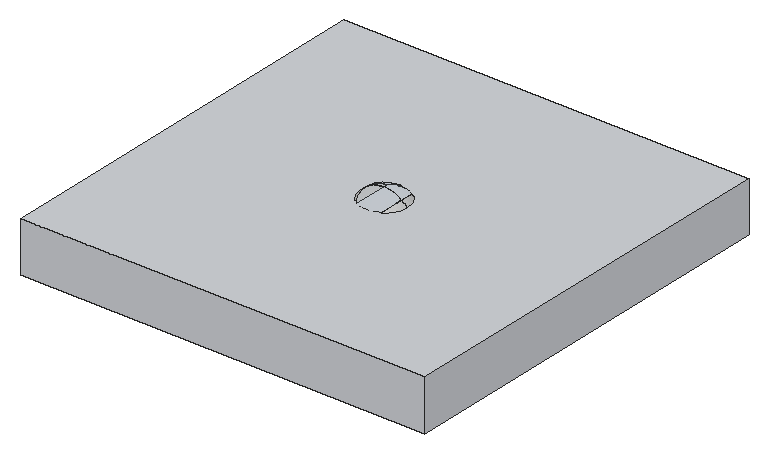
Revit family "GALAD Раунд LED", category Осветительные приборы, Revit 2018 (continued)
Parameters (values of type "GALAD Раунд LED-9 ECO IP30 Датчик звука")
    .14 118.84 105.54 92.73 80.53 68.82 58.20 48.44 39.53 31.72 24.77 18.67 12.93 8.17 4.76 2.44 1.34 0.73 0.37 0.24 0.12 0.00 0.00 0.00 0.00 0.00 0.00 0.00 0.00 0.00 0.00 0.00 0.00 0.00 0.00 0.12 0.12 0.12 0.00 0.12 0.24 0.24 0.73 0.85 0.37 0.12 0.00 0.00 \r\n332.61 332.12 330.29 327.97 325.29 321.87 317.72 313.09 307.59 301.49 295.03 287.83 279.65 271.11 261.96 252.20 242.32 231.70 220.60 209.01 197.17 184.73 171.92 158.86 145.68 132.38 118.96 105.91 93.10 80.65 69.18 58.32 48.56 39.78 31.72 24.65 18.67 13.30 7.69 3.78 2.07 1.34 0.85 0.49 0.24 0.12 0.00 0.00 0.00 0.00 0.00 0.00 0.00 0.00 0.00 0.00 0.00 0.00 0.00 0.00 0.12 0.12 0.12 0.00 0.12 0.12 0.24 0.61 0.73 0.37 0.12 0.00 0.00 \r\n332.61 332.00 330.29 327.97 325.29 321.99 317.84 313.09 307.59 301.49 294.66 287.46 279.78 271.11 261.84 252.57 242.68 231.82 220.84 209.37 197.42 184.85 171.92 158.86 145.68 132.38 119.08 105.91 93.10 80.77 69.18 58.32 48.56 40.02 31.85 24.77 18.67 13.06 6.83 3.54 2.56 1.59 0.85 0.49 0.24 0.12 0.00 0.00 0.00 0.00 0.00 0.00 0.00 0.00 0.00 0.00 0.00 0.00 0.00 0.00 0.12 0.12 0.12 0.00 0.12 0.12 0.24 0.49 0.61 0.37 0.12 0.00 0.00 \r\n332.61 332.00 330.29 327.97 325.41 321.99 317.72 313.09 307.72 301.98 295.03 287.46 279.78 271.60 262.33 252.93 242.68 231.95 220.97 209.37 197.29 185.09 172.16 159.35 146.05 132.51 119.33 106.27 93.46 80.89 69.30 58.69 48.81 39.90 31.85 24.77 18.67 13.06 7.56 4.15 2.68 1.71 0.98 0.49 0.24 0.12 0.00 0.00 0.00 0.00 0.00 0.00 0.00 0.00 0.00 0.00 0.00 0.00 0.00 0.00 0.12 0.12 0.12 0.12 0.12 0.12 0.24 0.37 0.49 0.24 0.12 0.00 0.00 \r\n332.61 331.88 330.29 327.97 325.41 321.99 317.84 313.09 307.84 301.98 295.15 287.83 280.14 271.72 262.57 253.30 242.81 232.07 221.33 209.50 197.29 185.22 172.40 159.47 146.17 132.87 119.57 106.27 93.46 81.14 69.43 58.81 48.93 39.90 31.85 24.89 18.79 12.93 7.56 4.39 2.81 1.71 0.98 0.49 0.24 0.12 0.00 0.00 0.00 0.00 0.00 0.00 0.00 0.00 0.00 0.00 0.00 0.00 0.00 0.00 0.12 0.12 0.12 0.12 0.12 0.12 0.24 0.24 0.37 0.24 0.12 0.00 0.00 \r\n332.61 331.75 330.17 327.97 325.53 322.24 317.97 313.21 308.08 301.98 295.15 288.19 280.51 271.60 262.33 252.93 242.93 232.43 221.45 209.50 197.66 185.58 172.89 159.71 146.42 133.12 119.69 106.40 93.58 81.38 69.67 58.81 48.93 40.14 32.33 25.13 18.91 12.93 7.56 4.03 2.32 1.46 0.85 0.49 0.24 0.12 0.00 0.00 0.00 0.00 0.00 0.00 0.00 0.00 0.00 0.00 0.00 0.00 0.00 0.00 0.12 0.12 0.12 0.12 0.12 0.12 0.24 0.24 0.24 0.24 0.12 0.00 0.00 \r\n332.61 331.63 330.17 328.09 325.53 322.24 318.09 313.33 308.20 302.35 295.39 288.07 280.39 271.72 262.69 253.05 243.17 232.56 221.45 209.98 197.90 185.70 172.89 159.84 146.54 133.24 119.82 106.52 93.71 81.38 69.67 58.81 49.05 40.14 32.21 25.13 19.03 13.67 8.54 4.39 2.32 1.34 0.85 0.49 0.24 0.12 0.00 0.00 0.00 0.00 0.00 0.00 0.00 0.00 0.00 0.00 0.00 0.00 0.00 0.00 0.12 0.12 0.12 0.12 0.12 0.12 0.24 0.24 0.24 0.12 0.12 0.00 0.00 \r\n332.61 331.51 330.04 328.09 325.41 322.24 318.21 313.57 308.57 302.35 295.64 288.44 280.63 272.09 263.18 253.42 243.29 232.68 221.82 210.35 198.03 185.70 173.14 160.20 146.78 133.36 120.06 106.76 93.95 81.75 70.04 59.18 49.29 40.26 32.21 25.13 19.03 13.67 8.91 5.25 2.93 1.59 0.73 0.37 0.24 0.12 0.00 0.00 0.00 0.00 0.00 0.00 0.00 0.00 0.00 0.00 0.00 0.00 0.00 0.00 0.12 0.12 0.24 0.12 0.12 0.12 0.12 0.24 0.24 0.12 0.12 0.00 0.00 \r\n332.61 331.39 330.04 328.09 325.53 322.24 318.33 313.70 308.45 302.47 295.52 288.32 280.39 272.21 263.18 253.42 243.54 233.04 221.82 210.35 198.39 185.95 173.26 160.32 146.78 133.48 120.43 107.25 94.07 81.75 70.04 59.18 49.17 40.26 32.09 25.01 19.03 13.91 9.64 5.98 3.29 1.59 0.85 0.37 0.24 0.12 0.00 0.00 0.00 0.00 0.00 0.00 0.00 0.00 0.00 0.00 0.00 0.00 0.00 0.00 0.12 0.12 0.24 0.12 0.12 0.12 0.12 0.24 0.24 0.12 0.00 0.00 0.00 \r\n332.61 331.39 329.92 328.09 325.65 322.24 318.45 313.70 308.33 302.47 295.64 288.44 280.87 272.45 263.43 253.79 243.78 233.41 222.06 210.47 198.64 186.19 173.38 160.57 147.39 133.85 120.43 107.13 94.44 81.99 70.28 59.30 49.29 40.26 32.21 25.13 19.03 14.03 9.76 6.22 3.66 1.95 0.98 0.49 0.12 0.00 0.00 0.00 0.00 0.00 0.00 0.00 0.00 0.00 0.00 0.00 0.00 0.00 0.00 0.00 0.12 0.12 0.24 0.12 0.12 0.12 0.12 0.24 0.24 0.12 0.00 0.00 0.00 \r\n332.61 331.27 329.92 328.09 325.77 322.36 318.45 313.82 308.33 302.35 295.76 288.44 280.87 272.58 263.67 254.15 244.03 233.29 222.43 210.84 198.76 186.56 173.99 160.94 147.64 133.97 120.55 107.37 94.44 81.99 70.28 59.30 49.29 40.26 32.21 25.13 19.03 14.03 9.76 6.47 3.90 2.07 0.98 0.49 0.24 0.12 0.00 0.00 0.00 0.00 0.00 0.00 0.00 0.00 0.00 0.00 0.00 0.00 0.00 0.00 0.12 0.12 0.24 0.12 0.12 0.12 0.12 0.24 0.12 0.12 0.00 0.00 0.00 \r\n332.61 331.14 329.80 328.21 325.77 322.48 318.45 313.82 308.33 302.35 296.13 289.05 281.24 272.70 263.91 254.40 244.27 233.41 222.43 211.20 199.00 186.80 174.11 160.94 147.88 134.58 121.04 107.74 94.68 82.24 70.52 59.42 49.42 40.39 32.21 25.13 19.03 13.91 9.76 6.47 4.03 2.20 1.10 0.61 0.24 0.12 0.00 0.00 0.00 0.12 0.00 0.00 0.00 0.00 0.00 0.00 0.00 0.00 0.00 0.00 0.12 0.12 0.24 0.12 0.12 0.12 0.12 0.24 0.12 0.12 0.00 0.00 0.00 \r\n332.61 331.14 329.80 328.09 325.65 322.48 318.58 313.94 308.81 302.59 296.37 289.29 281.12 272.58 264.04 254.52 244.51 233.65 222.80 211.57 199.37 187.05 174.23 161.06 147.88 134.70 121.16 107.86 94.93 82.36 70.52 59.54 49.42 40.39 32.33 25.13 19.16 14.03 9.88 6.59 4.15 2.32 1.22 0.61 0.24 0.12 0.00 0.00 0.00 0.12 0.00 0.00 0.00 0.00 0.00 0.00 0.00 0.00 0.00 0.00 0.12 0.24 0.24 0.12 0.12 0.12 0.12 0.12 0.12 0.12 0.00 0.00 0.00 \r\n332.61 331.02 329.68 328.09 325.65 322.60 318.58 314.18 309.30 303.20 296.61 289.05 281.12 273.06 264.04 254.40 244.51 233.90 223.04 211.69 199.49 187.29 174.48 161.55 148.25 134.82 121.40 108.10 95.17 82.72 70.89 59.79 49.54 40.39 32.33 25.13 19.03 13.91 9.76 6.59 4.15 2.44 1.34 0.61 0.24 0.12 0.00 0.00 0.00 0.12 0.12 0.12 0.00 0.00 0.00 0.00 0.00 0.00 0.00 0.12 0.12 0.24 0.24 0.24 0.12 0.12 0.12 0.12 0.12 0.12 0.00 0.00 0.00 \r\n332.61 331.02 329.68 328.09 325.77 322.60 318.70 314.31 309.30 303.32 296.74 289.29 281.61 273.31 264.28 254.76 244.76 234.26 223.28 211.94 199.86 187.53 174.84 161.91 148.61 135.07 121.65 108.35 95.29 82.72 70.89 59.79 49.66 40.39 32.33 25.26 19.16 14.03 9.88 6.59 4.15 2.44 1.34 0.61 0.24 0.12 0.00 0.00 0.00 0.12 0.12 0.12 0.00 0.00 0.00 0.00 0.00 0.00 0.00 0.12 0.12 0.24 0.24 0.24 0.12 0.12 0.12 0.12 0.12 0.12 0.00 0.00 0.00 \r\n332.61 330.90 329.68 328.09 325.77 322.60 318.70 314.31 309.18 303.20 296.74 289.54 281.85 273.55 264.65 255.25 245.12 234.39 223.53 212.06 200.10 187.78 175.09 162.03 148.73 135.43 122.01 108.71 95.54 82.85 71.01 59.91 49.66 40.51 32.46 25.26 19.16 13.91 9.76 6.47 4.03 2.44 1.34 0.61 0.37 0.12 0.00 0.00 0.00 0.12 0.12 0.12 0.12 0.00 0.00 0.00 0.00 0.00 0.00 0.12 0.12 0.12 0.12 0.12 0.12 0.12 0.12 0.12 0.12 0.12 0.12 0.00 0.00 \r\n332.61 330.78 329.68 328.21 325.90 322.72 318.82 314.43 309.18 303.20 296.74 289.78 281.97 273.67 264.77 255.37 245.37 234.63 223.53 212.30 200.47 188.02 175.33 162.28 149.10 135.56 122.13 108.84 95.66 83.09 71.13 60.03 49.78 40.63 32.46 25.26 19.16 14.03 9.76 6.47 4.03 2.44 1.34 0.73 0.37 0.12 0.00 0.00 0.00 0.12 0.12 0.12 0.12 0.12 0.00 0.00 0.00 0.00 0.00 0.12 0.12 0.12 0.12 0.12 0.12 0.12 0.12 0.12 0.12 0.12 0.12 0.00 0.00 \r\n332.61 330.66 329.56 328.34 325.90 322.85 319.06 314.67 309.30 303.45 296.98 289.90 282.34 273.92 265.01 255.50 245.49 235.00 224.02 212.55 200.71 188.39 175.58 162.64 149.47 135.80 122.38 109.20 96.02 83.46 71.50 60.15 49.90 40.63 32.46 25.26 19.03 13.91 9.76 6.47 4.03 2.32 1.34 0.61 0.37 0.12 0.00 0.00 0.00 0.12 0.12 0.12 0.12 0.12 0.00 0.00 0.00 0.00 0.00 0.12 0.12 0.12 0.12 0.12 0.12 0.12 0.12 0.12 0.12 0.12 0.12 0.00 0.00 \r\n332.61 330.53 329.56 328.34 326.02 322.97 319.19 314.67 309.42 303.69 297.10 290.15 282.46 274.16 265.26 255.86 245.73 235.24 224.38 213.03 201.08 188.75 175.82 162.77 149.59 136.17 122.75 109.32 96.27 83.58 71.50 60.27 50.03 40.75 32.46 25.26 19.16 13.91 9.76 6.47 4.03 2.32 1.34 0.61 0.37 0.12 0.00 0.00 0.00 0.12 0.12 0.12 0.12 0.12 0.00 0.00 0.00 0.00 0.00 0.12 0.12 0.12 0.12 0.12 0.12 0.12 0.12 0.12 0.12 0.12 0.12 0.00 0.00 \r\n332.61 330.41 329.43 328.34 326.14 323.09 319.19 314.67 309.55 303.81 297.22 290.15 282.46 274.29 265.50 255.86 246.10 235.61 224.63 213.28 201.44 189.00 176.19 163.25 150.08 136.53 122.99 109.57 96.39 83.70 71.74 60.52 50.15 40.87 32.58 25.26 19.03 13.91 9.64 6.34 4.03 2.32 1.22 0.61 0.24 0.12 0.00 0.00 0.00 0.12 0.12 0.12 0.12 0.12 0.00 0.00 0.00 0.00 0.12 0.12 0.12 0.12 0.12 0.12 0.12 0.12 0.12 0.12 0.12 0.12 0.12 0.00 0.00 \r\n332.61 330.29 329.43 328.34 326.14 323.21 319.31 314.79 309.79 303.93 297.47 290.39 282.70 274.53 265.62 256.23 246.34 235.85 224.99 213.52 201.57 189.24 176.55 163.38 150.08 136.78 123.23 109.69 96.51 83.82 71.74 60.52 50.15 40.87 32.58 25.26 19.03 13.91 9.64 6.34 3.90 2.32 1.22 0.61 0.24 0.12 0.00 0.00 0.00 0.12 0.12 0.12 0.12 0.12 0.00 0.00 0.00 0.12 0.12 0.12 0.12 0.12 0.12 0.12 0.12 0.12 0.12 0.12 0.12 0.12 0.12 0.00 0.00 \r\n332.61 330.17 329.31 328.21 326.14 323.21 319.43 314.92 310.16 304.18 297.71 290.88 283.19 274.77 265.87 256.59 246.59 236.10 225.36 213.89 202.05 189.73 176.92 163.86 150.44 137.02 123.60 110.06 96.88 84.07 71.99 60.76 50.39 41.00 32.58 25.26 19.03 13.79 9.64 6.34 3.90 2.32 1.22 0.61 0.24 0.12 0.00 0.00 0.00 0.12 0.12 0.12 0.12 0.12 0.00 0.00 0.00 0.12 0.12 0.12 0.12 0.12 0.12 0.12 0.12 0.12 0.12 0.12 0.12 0.12 0.12 0.00 0.00 \r\n332.61 330.04 329.19 328.09 326.14 323.33 319.55 315.16 310.28 304.42 298.08 291.24 283.56 275.14 266.23 256.96 247.08 236.58 225.72 214.50 202.42 190.10 177.53 164.35 151.05 137.63 123.97 110.42 97.12 84.31 72.23 61.01 50.64 41.12 32.70 25.38 19.03 13.91 9.64 6.34 3.90 2.32 1.22 0.61 0.24 0.12 0.00 0.00 0.00 0.12 0.12 0.12 0.12 0.12 0.00 0.00 0.12 0.12 0.12 0.12 0.12 0.12 0.24 0.12 0.12 0.12 0.12 0.12 0.12 0.12 0.12 0.00 0.00 \r\n332.61 329.92 328.95 328.09 326.14 323.33 319.55 315.40 310.40 304.54 298.32 291.37 283.68 275.38 266.60 257.33 247.44 237.07 225.97 214.62 202.79 190.34 177.77 164.84 151.42 137.87 124.33 110.67 97.37 84.55 72.48 61.13 50.64 41.12 32.70 25.26 19.03 13.79 9.52 6.22 3.90 2.20 1.22 0.61 0.24 0.12 0.00 0.00 0.00 0.12 0.12 0.12 0.12 0.12 0.12 0.00 0.12 0.12 0.12 0.12 0.12 0.24 0.37 0.37 0.12 0.12 0.12 0.12 0.12 0.12 0.12 0.00 0.00 \r\n332.61 329.92 328.82 328.21 326.26 323.33 319.67 315.40 310.40 304.67 298.20 291.24 283.68 275.51 266.84 257.69 247.81 237.07 226.09 214.86 202.79 190.46 177.77 164.84 151.54 138.00 124.33 110.91 97.49 84.68 72.48 61.01 50.51 41.12 32.70 25.26 18.91 13.79 9.52 6.22 3.78 2.20 1.22 0.61 0.24 0.12 0.00 0.00 0.00 0.12 0.12 0.12 0.12 0.12 0.12 0.12 0.24 0.24 0.12 0.12 0.12 0.24 0.73 0.61 0.24 0.12 0.12 0.12 0.12 0.12 0.12 0.00 0.00 \r\n332.61 329.80 328.58 328.21 326.38 323.46 319.80 315.40 310.40 304.67 298.08 291.24 283.80 275.63 266.84 257.57 247.56 237.19 226.33 215.11 203.15 190.71 178.02 164.96 151.66 138.24 124.58 111.15 97.73 84.92 72.60 61.13 50.64 41.12 32.70 25.26 18.91 13.79 9.52 6.22 3.78 2.20 1.10 0.61 0.24 0.12 0.12 0.00 0.00 0.12 0.12 0.12 0.12 0.12 0.12 0.12 0.49 0.37 0.24 0.12 0.12 0.37 0.85 0.73 0.37 0.12 0.00 0.12 0.12 0.12 0.12 0.00 0.00 \r\n332.61 329.80 328.34 327.97 326.51 323.46 319.92 315.65 310.52 304.79 298.20 291.37 283.92 275.75 266.96 257.57 247.81 237.32 226.58 215.23 203.40 191.19 178.63 165.45 152.03 138.48 124.94 111.40 97.98 84.92 72.60 61.25 50.76 41.24 32.70 25.38 19.03 13.67 9.39 6.10 3.78 2.07 1.10 0.61 0.24 0.12 0.12 0.00 0.00 0.12 0.12 0.12 0.12 0.12 0.12 0.24 0.61 0.49 0.24 0.12 0.12 0.37 0.85 0.73 0.37 0.12 0.00 0.00 0.12 0.12 0.12 0.00 0.00 \r\n332.61 329.80 328.09 327.73 326.51 323.46 319.92 315.65 310.52 305.03 298.44 291.49 284.17 275.87 267.09 257.94 248.05 237.56 226.58 215.35 203.64 191.44 178.75 165.57 152.15 138.61 125.06 111.40 98.10 85.17 72.84 61.49 50.88 41.24 32.70 25.26 18.91 13.67 9.39 6.10 3.78 2.07 1.10 0.61 0.24 0.12 0.12 0.00 0.00 0.00 0.12 0.12 0.12 0.12 0.12 0.12 0.37 0.37 0.24 0.12 0.12 0.24 0.61 0.49 0.24 0.12 0.00 0.00 0.12 0.12 0.12 0.00 0.00 \r\n332.61 329.80 327.85 327.36 326.26 323.58 319.92 315.53 310.52 305.03 298.69 291.61 284.17 276.12 267.33 258.18 248.17 237.68 227.07 215.84 204.01 191.80 179.11 166.06 152.52 138.97 125.43 111.76 98.34 85.29 72.96 61.49 51.00 41.36 32.70 25.26 18.91 13.67 9.39 6.10 3.66 2.07 1.10 0.49 0.24 0.12 0.12 0.00 0.00 0.00 0.12 0.12 0.12 0.12 0.12 0.12 0.24 0.24 0.12 0.12 0.12 0.24 0.37 0.37 0.24 0.12 0.00 0.00 0.12 0.12 0.12 0.00 0.00 \r\n332.61 329.80 327.73 326.99 325.90 323.46 319.92 315.77 310.77 304.91 298.81 292.10 284.41 276.36 267.57 258.30 248.54 238.17 227.31 215.96 204.01 191.56 179.11 166.06 152.64 139.22 125.67 112.13 98.59 85.53 73.21 61.62 51.00 41.36 32.82 25.38 18.91 13.67 9.39 6.10 3.66 2.07 1.10 0.49 0.24 0.12 0.12 0.00 0.00 0.00 0.12 0.12 0.12 0.12 0.12 0.12 0.12 0.12 0.12 0.12 0.12 0.12 0.24 0.24 0.12 0.12 0.00 0.00 0.00 0.12 0.12 0.00 0.00 \r\n332.61 329.80 327.60 326.63 325.53 323.33 319.92 315.89 310.89 305.03 298.93 292.22 284.41 276.48 267.70 258.55 248.91 238.54 227.43 216.21 204.37 192.05 179.48 166.30 152.88 139.46 125.92 112.25 98.71 85.65 73.33 61.74 51.00 41.36 32.82 25.26 18.91 13.54 9.27 5.98 3.66 2.07 1.10 0.49 0.24 0.12 0.12 0.00 0.00 0.00 0.12 0.12 0.12 0.12 0.12 0.12 0.12 0.12 0.12 0.12 0.12 0.12 0.12 0.12 0.12 0.12 0.00 0.00 0.00 0.12 0.00 0.00 0.00 \r\n332.61 329.80 327.60 326.26 325.04 322.97 319.80 316.01 311.38 305.28 298.81 292.10 284.53 276.60 268.06 258.67 248.91 238.41 227.68 216.57 204.62 192.17 179.48 166.43 153.25 139.70 125.92 112.37 98.95 85.78 73.33 61.86 51.12 41.48 32.82 25.38 18.91 13.67 9.39 6.10 3.66 2.07 1.10 0.49 0.24 0.12 0.12 0.00 0.00 0.00 0.12 0.12 0.12 0.12 0.12 0.12 0.12 0.12 0.12 0.12 0.12 0.12 0.12 0.12 0.12 0.12 0.00 0.00 0.00 0.12 0.00 0.00 0.00 \r\n332.61 329.68 327.73 326.14 324.55 322.48 319.67 316.01 311.38 305.40 298.93 292.22 284.66 276.60 268.18 258.67 248.91 238.66 228.04 216.82 204.86 192.41 179.85 166.91 153.61 140.07 126.28 112.74 99.32 86.14 73.70 62.10 51.25 41.48 32.94 25.38 18.91 13.54 9.27 5.98 3.66 1.95 1.10 0.49 0.24 0.12 0.00 0.00 0.00 0.00 0.12 0.12 0.12 0.12 0.12 0.12 0.12 0.12 0.12 0.12 0.12 0.12 0.12 0.12 0.12 0.12 0.12 0.00 0.00 0.00 0.00 0.00 0.00 \r\n332.61 329.68 327.85 326.02 324.19 321.99 319.06 315.65 310.89 305.40 299.05 292.22 284.90 276.85 268.31 258.91 249.15 238.90 227.80 216.57 204.98 192.66 180.21 167.04 153.61 140.19 126.53 112.86 99.20 86.14 73.70 61.98 51.25 41.61 32.94 25.38 18.91 13.54 9.27 5.98 3.66 1.95 1.10 0.49 0.24 0.12 0.00 0.00 0.00 0.00 0.12 0.12 0.12 0.12 0.12 0.12 0.12 0.12 0.12 0.12 0.12 0.12 0.12 0.12 0.12 0.12 0.12 0.00 0.00 0.00 0.00 0.00 0.00 \r\n332.61 329.68 327.85 326.14 323.94 321.50 318.33 314.79 310.40 305.28 299.30 292.46 284.78 276.85 268.31 259.16 249.39 239.27 228.16 216.69 205.10 193.02 180.46 167.16 153.74 140.31 126.77 113.11 99.44 86.39 73.94 62.10 51.25 41.48 32.82 25.38 18.91 13.54 9.27 5.98 3.54 1.95 1.10 0.49 0.24 0.12 0.00 0.00 0.00 0.00 0.12 0.12 0.12 0.12 0.12 0.00 0.12 0.12 0.12 0.12 0.12 0.12 0.12 0.12 0.12 0.12 0.12 0.00 0.00 0.00 0.00 0.00 0.00 \r\n332.61 329.56 327.85 326.14 323.94 321.38 317.97 313.82 309.55 304.67 298.81 291.98 284.66 276.97 268.43 259.16 249.27 239.02 228.41 217.06 205.23 192.90 180.46 167.52 154.22 140.44 126.77 113.23 99.68 86.39 73.82 62.10 51.37 41.61 32.94 25.38 18.91 13.54 9.27 5.98 3.54 1.95 0.98 0.49 0.24 0.12 0.00 0.00 0.00 0.00 0.12 0.12 0.12 0.12 0.12 0.00 0.00 0.12 0.12 0.12 0.12 0.12 0.12 0.12 0.12 0.12 0.12 0.00 0.00 0.00 0.00 0.00 0.00 \r\n332.61 329.56 327.73 326.26 324.07 321.50 317.84 313.45 309.06 303.69 297.47 291.00 283.92 276.48 268.18 258.79 249.15 238.78 228.29 217.31 205.35 192.90 180.46 167.65 154.22 140.44 126.89 113.35 99.81 86.51 73.94 62.35 51.49 41.73 33.07 25.38 19.03 13.54 9.27 5.86 3.54 1.95 0.98 0.49 0.12 0.00 0.00 0.00 0.00 0.00 0.12 0.12 0.12 0.12 0.12 0.00 0.00 0.12 0.12 0.12 0.12 0.12 0.12 0.12 0.12 0.12 0.12 0.00 0.00 0.00 0.00 0.00 0.00 \r\n332.61 329.68 327.73 326.26 324.19 321.63 318.09 313.57 308.94 303.69 297.22 290.63 283.44 275.38 266.96 257.81 248.42 238.29 227.80 216.57 204.86 192.78 180
